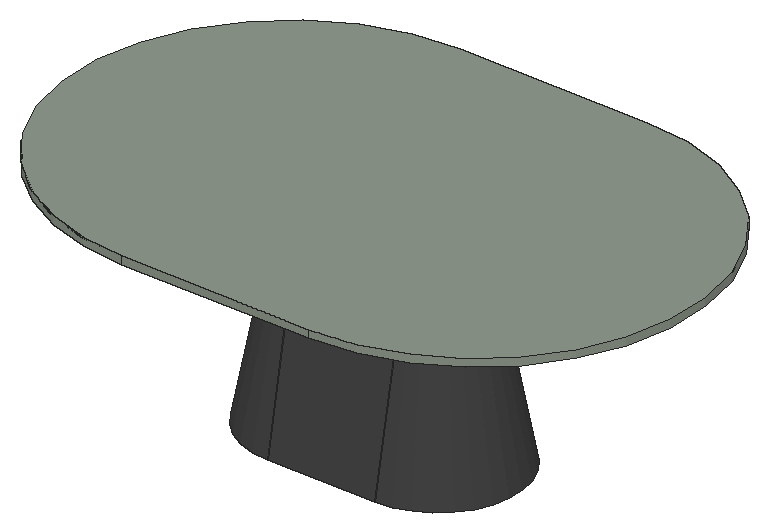
Revit family "DBLTD_TheSenatorGroup_OfficeTables_Sula_US", category Furniture, Revit 2022
Family settings
  OmniClass Number = 23.40.20.00
  OmniClass Title = General Furniture and Specialties
  Work Plane-Based = No
  Always vertical = Yes
  Cut with Voids When Loaded = No
  Render Appearance Source = Family Geometry
  Shared = Yes
  Room Calculation Point = No
Parameters (values of type "Pill 78 x 54")
  WorktopMaterial [instance] = DBLTD_TheSenatorGroup_Wood_SmokeGreen
  WorksurfaceArea = NominalWidth * NominalDepth  # 2.71741 m²
  WarrantyStartDate [instance] = ""
  WarrantyGuarantorParts = "https://www.thesenatorgroup.com/"
  WarrantyGuarantorLabor = "https://www.thesenatorgroup.com/"
  WarrantyDurationUnit = "years"
  WarrantyDurationParts = "5"
  WarrantyDurationLabor = "5"
  WarrantyDescription = "The Senator Group warrants that its manufactured products are free from manufacturing defects - in materials or workmanship - for a period of five (5) years. Allermuir will repair - or replace (at Allermuir’s sole discretion) with comparable free of charge materials/ components, any product/ component which fails under normal use in a single shift environment - as a result of a defect in the materials and/or workmanship."
  Version = "1"
  Uniclass2015Version = "Products v1.15"
  Uniclass2015Title = "Office tables"
  Uniclass2015Code = "Pr_40_50_21_60"
  URL = "https://www.thesenatorgroup.com/"
  Type Comments = ModelReference  # "Pill 78 x 54 with Slim Base"
  TagNumber [instance] = ""
  SustainabilityPerformance = "n/a"
  Size = "29\"h x 48\"w x 54\"d"
  Shape = "Pill"
  SerialNumber [instance] = ""
  Revision = ""
  ReplacementCost = "n/a"
  ProductInformation = "https://gb.allermuir.com/products/tables?q=____FamilyList__Sula&currentPage=1"
  NumberOfChairs = 0  # constant formula
  NominalWidth = 78"
  NominalHeight = 29"
  NominalDepth = 54"
  Name = "Table"
  ModelReference = "Pill 78 x 54 with Slim Base"
  ModelNumber = "SUD7854PL"
  Model = ModelNumber  # "SUD7854PL"
  Material = Color  # "Base: Black | Ceramic Top: See Sula Finishes Page."
  ManufacturerURL = "https://gb.allermuir.com/?lang=en-US"
  ManufacturerName = "The Senator Group"
  Keynote = Category  # "Pr_40_50_21_60 Office tables"
  IsTriple = no
  IsSingle = no
  IsDouble = no
  Is90Degree = yes
  InstallationDate [instance] = ""
  HasTopSquare = no
  HasTopRound = no
  HasTopPill = yes
  HasTopConf = no
  HasBaseSlim = no
  HasBasePill90 = yes
  HasBasePill = no
  HasBaseLarge = no
  Grade = "n/a"
  FrameMaterial [instance] = DBLTD_TheSenatorGroup_Metal_Black
  Finish = Color  # "Base: Black | Ceramic Top: See Sula Finishes Page."
  Features = ""
  ExpectedLife = "5"
  DurationUnit = "years"
  Cost = 0
  Constituents = "Base and Top"
  Color = "Base: Black | Ceramic Top: See Sula Finishes Page."
  CodePerformance = "n/a"
  Category = "Pr_40_50_21_60 Office tables"
  Manufacturer = ManufacturerName  # "The Senator Group"
  Description = ModelReference  # "Pill 78 x 54 with Slim Base"
  Default Elevation = 0"
  BarCode [instance] = ""
  Author = "Diane Butterworth Ltd"
  AssetType = "Movable"
  AssetIdentifier [instance] = ""
  Assembly Code = "E2020200"
  AccessibilityPerformance = "n/a"
Reference planes (in)
  plane 1 "Center (Front/Back)": y = 0
  plane 2: z = 0
  plane 3 "Center (Left/Right)": x = 0
  plane 4: z = 29
  plane 5: z = 28.01575
  plane 6: x = -39
  plane 7: x = 39
  plane 8: y = 27
  plane 9: y = -27
  plane 10: z = 4.60784
Dimensions and locks (in)
  "NominalHeight": plane 4 to level
  plane 4 to plane 5 = 0.98425"
  equal spacing: plane 6, plane 3 "Center (Left/Right)", plane 7
  equal spacing: plane 8, plane 1 "Center (Front/Back)", plane 9
  "NominalWidth": plane 6 to plane 7
  "NominalDepth": plane 8 to plane 9
  aligned and locked: level to plane 2
  aligned and locked: plane 8 to nested 4
  aligned and locked: plane 3 "Center (Left/Right)" to nested 4
  aligned and locked: plane 3 "Center (Left/Right)" to nested 7
  aligned and locked: plane 1 "Center (Front/Back)" to nested 7
  aligned and locked: plane 3 "Center (Left/Right)" to nested 5
  aligned and locked: plane 1 "Center (Front/Back)" to nested 5
  aligned and locked: plane 3 "Center (Left/Right)" to nested 6
  aligned and locked: plane 1 "Center (Front/Back)" to nested 6
  aligned and locked: plane 1 "Center (Front/Back)" to nested 3
  aligned and locked: plane 3 "Center (Left/Right)" to nested 3
  aligned and locked: plane 3 "Center (Left/Right)" to nested 1
  aligned and locked: plane 1 "Center (Front/Back)" to nested 1
Nested families (in)
  nested 1: "Nested_DBLTD_TheSenatorGroup_OfficeTables_Sula_Base_Large_US" at (0, 0, 0), BaseFinish <- "FrameMaterial", visible <- "HasBaseLarge", IsDouble <- "IsDouble", IsSingle <- "IsSingle", Width <- "NominalWidth", type "Nested_DBLTD_TheSenatorGroup_OfficeTables_Sula_Base_Large"
    with Width 78", LegGap 0", IsSingle no, IsDouble no, FeetFinish DBLTD_TheSenatorGroup_Plastic_Black, BaseFinish DBLTD_TheSenatorGroup_Metal_Black
  nested 2: "Nested_DBLTD_TheSenatorGroup_OfficeTables_Sula_Base_Pill_US" at (0, 0, 0), BaseFinish <- "FrameMaterial", visible <- "HasBasePill", Width <- "NominalWidth", Is90Degrees <- "Is90Degree", IsSingle <- "IsSingle", IsTriple <- "IsTriple", type "Nested_DBLTD_TheSenatorGroup_OfficeTables_Sula_Base_Pill"
    with Width 78", LegGap 0", IsTriple no, IsSingle no, Is90Degrees yes, FeetFinish DBLTD_TheSenatorGroup_Plastic_Black, BaseFinish DBLTD_TheSenatorGroup_Metal_Black
  nested 3: "Nested_DBLTD_TheSenatorGroup_OfficeTables_Sula_Base_Slim_US" at (0, 0, 0), BaseFinish <- "FrameMaterial", visible <- "HasBaseSlim", IsDouble <- "IsDouble", IsSingle <- "IsSingle", type "Nested_DBLTD_TheSenatorGroup_OfficeTables_Sula_Base_Slim"
    with IsSingle no, IsDouble no, FeetFinish DBLTD_TheSenatorGroup_Plastic_Black, BaseFinish DBLTD_TheSenatorGroup_Metal_Black
  nested 4: "Nested_DBLTD_TheSenatorGroup_OfficeTables_Sula_Top_Conference_US" at (0, 0, 0), TopFinish <- "WorktopMaterial", Depth <- "NominalDepth", Width <- "NominalWidth", visible <- "HasTopConf", type "Nested_DBLTD_TheSenatorGroup_OfficeTables_Sula_Top_Conference"
    with Width 78", TopFinish DBLTD_TheSenatorGroup_Wood_SmokeGreen, Depth 54", 72x42 no, 60x72 no
  nested 5: "Nested_DBLTD_TheSenatorGroup_OfficeTables_Sula_Top_Pill_US" at (0, 0, 0), TopFinish <- "WorktopMaterial", visible <- "HasTopPill", Depth <- "NominalDepth", Width <- "NominalWidth", type "Nested_DBLTD_TheSenatorGroup_OfficeTables_Sula_Top_Pill"
    with Width 78", TopFinish DBLTD_TheSenatorGroup_Wood_SmokeGreen, Depth 54"
  nested 6: "Nested_DBLTD_TheSenatorGroup_OfficeTables_Sula_Top_Round_US" at (0, 0, 0), TopFinish <- "WorktopMaterial", Depth <- "NominalDepth", Width <- "NominalWidth", visible <- "HasTopRound", type "Nested_DBLTD_TheSenatorGroup_OfficeTables_Sula_Top_Round"
    with Width 78", TopFinish DBLTD_TheSenatorGroup_Wood_SmokeGreen, Depth 54"
  nested 7: "Nested_DBLTD_TheSenatorGroup_OfficeTables_Sula_Top_Square_US" at (0, 0, 0), visible <- "HasTopSquare", TopFinish <- "WorktopMaterial", type "Nested_DBLTD_TheSenatorGroup_OfficeTables_Sula_Top_Square"
    with TopFinish DBLTD_TheSenatorGroup_Wood_SmokeGreen
  nested 8: "Nested_DBLTD_TheSenatorGroup_OfficeTables_Sula_Base_Pill_US" at (0, -3.93701, 0), BaseFinish <- "FrameMaterial", visible <- "HasBasePill90", type "Nested_DBLTD_TheSenatorGroup_OfficeTables_Sula_Base_Pill"
    with Width 78", LegGap 0", IsTriple no, IsSingle no, Is90Degrees yes, FeetFinish DBLTD_TheSenatorGroup_Plastic_Black, BaseFinish DBLTD_TheSenatorGroup_Metal_Black
Definition of nested family "Nested_DBLTD_TheSenatorGroup_OfficeTables_Sula_Base_Pill_US"
  Parameters (values of type "Nested_DBLTD_TheSenatorGroup_OfficeTables_Sula_Base_Pill")
    Width [instance] = 168"
    LegGap [instance] = if(Width = 168", 57", if(Width = 144", 45", 0"))  # 57"
    IsTriple [instance] = yes
    IsSingle [instance] = yes
    Is90Degrees [instance] = yes
    FeetFinish [instance] = none
    Default Elevation = 0"
    BaseFinish [instance] = none
  Reference planes (in)
    plane 1 "Center (Front/Back)": y = 0
    plane 2: z = 0
    plane 3 "Center (Left/Right)": x = 0
    plane 4: z = 29.13386
    plane 5: z = 28.14961
  Forms (in)
    Extrusion 1, solid, material <- "FeetFinish", visible <- "Is90Degrees"
      sketch origin (0, 3.93701, 0) x (1, 0, 0) y (0, 1, 0)
        loop
          circle (-4.92399, 8.30636) r 0.59055
        loop
          circle (-13.40627, 5.93295) r 0.59055
        loop
          circle (-4.92399, -8.30636) r 0.59055
        loop
          circle (-13.40627, -5.93295) r 0.59055
        loop
          circle (4.92399, 8.30636) r 0.59055
        loop
          circle (13.40627, 5.93295) r 0.59055
        loop
          circle (4.92399, -8.30636) r 0.59055
        loop
          circle (13.40627, -5.93295) r 0.59055
      from 0 to 0.15748
    Extrusion 2, solid, material <- "BaseFinish", visible <- "Is90Degrees"
      sketch origin (-6.85978, 3.93701, 3.8189) x (0, 0, -1) y (0, 1, 0)
        loop
          line (-23.74016, 9.84252) -> (-23.74016, -9.84252) -> (-22.84915, -9.84252)
          arc (-22.84915, -9.84252) -> (-22.54476, -9.78915) -> (-22.2767, -9.6354) r 0.89464
          line (-22.2767, -9.6354) -> (-20.79872, -8.40478)
          arc (-20.79872, -8.40478) -> (-17.55801, -6.74874) -> (-13.92018, -6.64467) r 8.26772
          line (-13.92018, -6.64467) -> (3.66142, -10.08632) -> (3.66142, 10.08632) -> (-13.92018, 6.64467)
          arc (-13.92018, 6.64467) -> (-17.55801, 6.74874) -> (-20.79872, 8.40478) r 8.26772
          line (-20.79872, 8.40478) -> (-22.2767, 9.6354)
          arc (-22.2767, 9.6354) -> (-22.54476, 9.78915) -> (-22.84915, 9.84252) r 0.89464
          line (-22.84915, 9.84252) -> (-23.74016, 9.84252)
      from 0 to 13.71956
    Extrusion 3, solid, material <- "FeetFinish", visible <- "IsSingle"
      sketch origin (0, 0, 0) x (0, 1, 0) y (-1, 0, 0)
        loop
          circle (-4.92399, 8.30636) r 0.59055
        loop
          circle (-13.40627, 5.93295) r 0.59055
        loop
          circle (-4.92399, -8.30636) r 0.59055
        loop
          circle (-13.40627, -5.93295) r 0.59055
        loop
          circle (4.92399, 8.30636) r 0.59055
        loop
          circle (13.40627, 5.93295) r 0.59055
        loop
          circle (4.92399, -8.30636) r 0.59055
        loop
          circle (13.40627, -5.93295) r 0.59055
      from 0 to 0.15748
    Revolve 4, solid, material <- "BaseFinish", visible <- "IsSingle"
      sketch origin (0, 6.85978, 0) x (0, 1, 0) y (0, 0, 1)
        loop
          line (0, 27.55906) -> (0, 0.15748) -> (10.08632, 0.15748) -> (6.64467, 17.73908)
          arc (6.64467, 17.73908) -> (6.74874, 21.37691) -> (8.40478, 24.61762) r 8.26772
          line (8.40478, 24.61762) -> (9.6354, 26.09559)
          arc (9.6354, 26.09559) -> (9.78915, 26.36366) -> (9.84252, 26.66805) r 0.89464
          line (9.84252, 26.66805) -> (9.84252, 27.55906) -> (0, 27.55906)
        axis (0, 0.15748) -> (0, 27.55906)
      angle from 90 to -90
    Extrusion 5, solid, material <- "BaseFinish", visible <- "IsSingle"
      sketch origin (0, -6.85978, 3.8189) x (0, 0, -1) y (-1, 0, 0)
        loop
          line (-23.74016, 9.84252) -> (-23.74016, -9.84252) -> (-22.84915, -9.84252)
          arc (-22.84915, -9.84252) -> (-22.54476, -9.78915) -> (-22.2767, -9.6354) r 0.89464
          line (-22.2767, -9.6354) -> (-20.79872, -8.40478)
          arc (-20.79872, -8.40478) -> (-17.55801, -6.74874) -> (-13.92018, -6.64467) r 8.26772
          line (-13.92018, -6.64467) -> (3.66142, -10.08632) -> (3.66142, 10.08632) -> (-13.92018, 6.64467)
          arc (-13.92018, 6.64467) -> (-17.55801, 6.74874) -> (-20.79872, 8.40478) r 8.26772
          line (-20.79872, 8.40478) -> (-22.2767, 9.6354)
          arc (-22.2767, 9.6354) -> (-22.54476, 9.78915) -> (-22.84915, 9.84252) r 0.89464
          line (-22.84915, 9.84252) -> (-23.74016, 9.84252)
      from 0 to 13.71956
    Revolve 6, solid, material <- "BaseFinish", visible <- "IsSingle"
      sketch origin (0, -6.85978, 0) x (0, -1, 0) y (0, 0, -1)
        loop
          line (0, -27.55906) -> (9.84252, -27.55906) -> (9.84252, -26.66805)
          arc (9.84252, -26.66805) -> (9.78915, -26.36366) -> (9.6354, -26.09559) r 0.89464
          line (9.6354, -26.09559) -> (8.40478, -24.61762)
          arc (8.40478, -24.61762) -> (6.74874, -21.37691) -> (6.64467, -17.73908) r 8.26772
          line (6.64467, -17.73908) -> (10.08632, -0.15748) -> (0, -0.15748) -> (0, -27.55906)
        axis (0, -0.15748) -> (0, -27.55906)
      angle from 90 to -90
    Revolve 7, solid, material <- "BaseFinish", visible <- "Is90Degrees"
      sketch origin (6.85978, 3.93701, 0) x (1, 0, 0) y (0, 0, 1)
        loop
          line (0, 27.55906) -> (0, 0.15748) -> (10.08632, 0.15748) -> (6.64467, 17.73908)
          arc (6.64467, 17.73908) -> (6.74874, 21.37691) -> (8.40478, 24.61762) r 8.26772
          line (8.40478, 24.61762) -> (9.6354, 26.09559)
          arc (9.6354, 26.09559) -> (9.78915, 26.36366) -> (9.84252, 26.66805) r 0.89464
          line (9.84252, 26.66805) -> (9.84252, 27.55906) -> (0, 27.55906)
        axis (0, 0.15748) -> (0, 27.55906)
      angle from 90 to -90
    Revolve 8, solid, material <- "BaseFinish", visible <- "Is90Degrees"
      sketch origin (-6.85978, 3.93701, 0) x (-1, 0, 0) y (0, 0, -1)
        loop
          line (0, -27.55906) -> (9.84252, -27.55906) -> (9.84252, -26.66805)
          arc (9.84252, -26.66805) -> (9.78915, -26.36366) -> (9.6354, -26.09559) r 0.89464
          line (9.6354, -26.09559) -> (8.40478, -24.61762)
          arc (8.40478, -24.61762) -> (6.74874, -21.37691) -> (6.64467, -17.73908) r 8.26772
          line (6.64467, -17.73908) -> (10.08632, -0.15748) -> (0, -0.15748) -> (0, -27.55906)
        axis (0, -0.15748) -> (0, -27.55906)
      angle from 90 to -90
    Extrusion 9, solid, material <- "FeetFinish", visible <- "Is90Degrees"
      sketch origin (0, 0, 0) x (1, 0, 0) y (0, 1, 0)
        loop
          line (6.85978, 17.71654) -> (-6.85978, 17.71654)
          arc (-6.85978, 17.71654) -> (-20.63931, 3.93701) -> (-6.85978, -9.84252) r 13.77953
          line (-6.85978, -9.84252) -> (6.85978, -9.84252)
          arc (6.85978, -9.84252) -> (20.63931, 3.93701) -> (6.85978, 17.71654) r 13.77953
      from 27.55906 to 28.14961
    Extrusion 10, solid, material <- "FeetFinish", visible <- "IsSingle"
      sketch origin (-3.93701, 0, 0) x (0, -1, 0) y (1, 0, 0)
        loop
          line (6.85978, 17.60891) -> (-6.85978, 17.60891)
          arc (-6.85978, 17.60891) -> (-20.58549, 3.8832) -> (-6.85978, -9.84252) r 13.72571
          line (-6.85978, -9.84252) -> (6.85978, -9.84252)
          arc (6.85978, -9.84252) -> (20.58549, 3.8832) -> (6.85978, 17.60891) r 13.72571
      from 27.55906 to 28.14961
    Extrusion 11, solid, material <- "FeetFinish", visible <- "IsTriple"
      sketch origin (47.15748, 0, 0) x (0, 1, 0) y (-1, 0, 0)
        loop
          circle (-4.92399, 8.30636) r 0.59055
        loop
          circle (-13.40627, 5.93295) r 0.59055
        loop
          circle (-4.92399, -8.30636) r 0.59055
        loop
          circle (-13.40627, -5.93295) r 0.59055
        loop
          circle (4.92399, 8.30636) r 0.59055
        loop
          circle (13.40627, 5.93295) r 0.59055
        loop
          circle (4.92399, -8.30636) r 0.59055
        loop
          circle (13.40627, -5.93295) r 0.59055
      from 0 to 0.15748
    Revolve 12, solid, material <- "BaseFinish", visible <- "IsTriple"
      sketch origin (47.15748, 6.85978, 0) x (0, 1, 0) y (0, 0, 1)
        loop
          line (0, 27.55906) -> (0, 0.15748) -> (10.08632, 0.15748) -> (6.64467, 17.73908)
          arc (6.64467, 17.73908) -> (6.74874, 21.37691) -> (8.40478, 24.61762) r 8.26772
          line (8.40478, 24.61762) -> (9.6354, 26.09559)
          arc (9.6354, 26.09559) -> (9.78915, 26.36366) -> (9.84252, 26.66805) r 0.89464
          line (9.84252, 26.66805) -> (9.84252, 27.55906) -> (0, 27.55906)
        axis (0, 0.15748) -> (0, 27.55906)
      angle from 90 to -90
    Extrusion 13, solid, material <- "BaseFinish", visible <- "IsTriple"
      sketch origin (47.15748, -6.85978, 3.8189) x (0, 0, -1) y (-1, 0, 0)
        loop
          line (-23.74016, 9.84252) -> (-23.74016, -9.84252) -> (-22.84915, -9.84252)
          arc (-22.84915, -9.84252) -> (-22.54476, -9.78915) -> (-22.2767, -9.6354) r 0.89464
          line (-22.2767, -9.6354) -> (-20.79872, -8.40478)
          arc (-20.79872, -8.40478) -> (-17.55801, -6.74874) -> (-13.92018, -6.64467) r 8.26772
          line (-13.92018, -6.64467) -> (3.66142, -10.08632) -> (3.66142, 10.08632) -> (-13.92018, 6.64467)
          arc (-13.92018, 6.64467) -> (-17.55801, 6.74874) -> (-20.79872, 8.40478) r 8.26772
          line (-20.79872, 8.40478) -> (-22.2767, 9.6354)
          arc (-22.2767, 9.6354) -> (-22.54476, 9.78915) -> (-22.84915, 9.84252) r 0.89464
          line (-22.84915, 9.84252) -> (-23.74016, 9.84252)
      from 0 to 13.71956
    Revolve 14, solid, material <- "BaseFinish", visible <- "IsTriple"
      sketch origin (47.15748, -6.85978, 0) x (0, -1, 0) y (0, 0, -1)
        loop
          line (0, -27.55906) -> (9.84252, -27.55906) -> (9.84252, -26.66805)
          arc (9.84252, -26.66805) -> (9.78915, -26.36366) -> (9.6354, -26.09559) r 0.89464
          line (9.6354, -26.09559) -> (8.40478, -24.61762)
          arc (8.40478, -24.61762) -> (6.74874, -21.37691) -> (6.64467, -17.73908) r 8.26772
          line (6.64467, -17.73908) -> (10.08632, -0.15748) -> (0, -0.15748) -> (0, -27.55906)
        axis (0, -0.15748) -> (0, -27.55906)
      angle from 90 to -90
    Extrusion 15, solid, material <- "FeetFinish", visible <- "IsTriple"
      sketch origin (43.22047, 0, 0) x (0, -1, 0) y (1, 0, 0)
        loop
          line (6.85978, 17.60891) -> (-6.85978, 17.60891)
          arc (-6.85978, 17.60891) -> (-20.58549, 3.8832) -> (-6.85978, -9.84252) r 13.72571
          line (-6.85978, -9.84252) -> (6.85978, -9.84252)
          arc (6.85978, -9.84252) -> (20.58549, 3.8832) -> (6.85978, 17.60891) r 13.72571
      from 27.55906 to 28.14961
    Extrusion 16, solid, material <- "FeetFinish", visible <- "IsTriple", not visible
      sketch origin (90.55118, 0, 0) x (0, 1, 0) y (-1, 0, 0)
        loop
          circle (-4.92399, 8.30636) r 0.59055
        loop
          circle (-13.40627, 5.93295) r 0.59055
        loop
          circle (-4.92399, -8.30636) r 0.59055
        loop
          circle (-13.40627, -5.93295) r 0.59055
        loop
          circle (4.92399, 8.30636) r 0.59055
        loop
          circle (13.40627, 5.93295) r 0.59055
        loop
          circle (4.92399, -8.30636) r 0.59055
        loop
          circle (13.40627, -5.93295) r 0.59055
      from 0 to 0.15748
    Revolve 17, solid, material <- "BaseFinish", visible <- "IsTriple", not visible
      sketch origin (90.55118, 6.85978, 0) x (0, 1, 0) y (0, 0, 1)
        loop
          line (0, 27.55906) -> (0, 0.15748) -> (10.08632, 0.15748) -> (6.64467, 17.73908)
          arc (6.64467, 17.73908) -> (6.74874, 21.37691) -> (8.40478, 24.61762) r 8.26772
          line (8.40478, 24.61762) -> (9.6354, 26.09559)
          arc (9.6354, 26.09559) -> (9.78915, 26.36366) -> (9.84252, 26.66805) r 0.89464
          line (9.84252, 26.66805) -> (9.84252, 27.55906) -> (0, 27.55906)
        axis (0, 0.15748) -> (0, 27.55906)
      angle from 90 to -90
    Extrusion 18, solid, material <- "BaseFinish", visible <- "IsTriple", not visible
      sketch origin (90.55118, -6.85978, 3.8189) x (0, 0, -1) y (-1, 0, 0)
        loop
          line (-23.74016, 9.84252) -> (-23.74016, -9.84252) -> (-22.84915, -9.84252)
          arc (-22.84915, -9.84252) -> (-22.54476, -9.78915) -> (-22.2767, -9.6354) r 0.89464
          line (-22.2767, -9.6354) -> (-20.79872, -8.40478)
          arc (-20.79872, -8.40478) -> (-17.55801, -6.74874) -> (-13.92018, -6.64467) r 8.26772
          line (-13.92018, -6.64467) -> (3.66142, -10.08632) -> (3.66142, 10.08632) -> (-13.92018, 6.64467)
          arc (-13.92018, 6.64467) -> (-17.55801, 6.74874) -> (-20.79872, 8.40478) r 8.26772
          line (-20.79872, 8.40478) -> (-22.2767, 9.6354)
          arc (-22.2767, 9.6354) -> (-22.54476, 9.78915) -> (-22.84915, 9.84252) r 0.89464
          line (-22.84915, 9.84252) -> (-23.74016, 9.84252)
      from 0 to 13.71956
    Revolve 19, solid, material <- "BaseFinish", visible <- "IsTriple", not visible
      sketch origin (90.55118, -6.85978, 0) x (0, -1, 0) y (0, 0, -1)
        loop
          line (0, -27.55906) -> (9.84252, -27.55906) -> (9.84252, -26.66805)
          arc (9.84252, -26.66805) -> (9.78915, -26.36366) -> (9.6354, -26.09559) r 0.89464
          line (9.6354, -26.09559) -> (8.40478, -24.61762)
          arc (8.40478, -24.61762) -> (6.74874, -21.37691) -> (6.64467, -17.73908) r 8.26772
          line (6.64467, -17.73908) -> (10.08632, -0.15748) -> (0, -0.15748) -> (0, -27.55906)
        axis (0, -0.15748) -> (0, -27.55906)
      angle from 90 to -90
    Extrusion 20, solid, material <- "FeetFinish", visible <- "IsTriple", not visible
      sketch origin (86.61417, 0, 0) x (0, -1, 0) y (1, 0, 0)
        loop
          line (6.85978, 17.60891) -> (-6.85978, 17.60891)
          arc (-6.85978, 17.60891) -> (-20.58549, 3.8832) -> (-6.85978, -9.84252) r 13.72571
          line (-6.85978, -9.84252) -> (6.85978, -9.84252)
          arc (6.85978, -9.84252) -> (20.58549, 3.8832) -> (6.85978, 17.60891) r 13.72571
      from 27.55906 to 28.14961
    Extrusion 21, solid, material <- "FeetFinish", visible <- "IsTriple"
      sketch origin (-47.15748, 0, 0) x (0, 1, 0) y (-1, 0, 0)
        loop
          circle (-4.92399, 8.30636) r 0.59055
        loop
          circle (-13.40627, 5.93295) r 0.59055
        loop
          circle (-4.92399, -8.30636) r 0.59055
        loop
          circle (-13.40627, -5.93295) r 0.59055
        loop
          circle (4.92399, 8.30636) r 0.59055
        loop
          circle (13.40627, 5.93295) r 0.59055
        loop
          circle (4.92399, -8.30636) r 0.59055
        loop
          circle (13.40627, -5.93295) r 0.59055
      from 0 to 0.15748
    Revolve 22, solid, material <- "BaseFinish", visible <- "IsTriple"
      sketch origin (-47.15748, 6.85978, 0) x (0, 1, 0) y (0, 0, 1)
        loop
          line (0, 27.55906) -> (0, 0.15748) -> (10.08632, 0.15748) -> (6.64467, 17.73908)
          arc (6.64467, 17.73908) -> (6.74874, 21.37691) -> (8.40478, 24.61762) r 8.26772
          line (8.40478, 24.61762) -> (9.6354, 26.09559)
          arc (9.6354, 26.09559) -> (9.78915, 26.36366) -> (9.84252, 26.66805) r 0.89464
          line (9.84252, 26.66805) -> (9.84252, 27.55906) -> (0, 27.55906)
        axis (0, 0.15748) -> (0, 27.55906)
      angle from 90 to -90
    Extrusion 23, solid, material <- "BaseFinish", visible <- "IsTriple"
      sketch origin (-47.15748, -6.85978, 3.8189) x (0, 0, -1) y (-1, 0, 0)
        loop
          line (-23.74016, 9.84252) -> (-23.74016, -9.84252) -> (-22.84915, -9.84252)
          arc (-22.84915, -9.84252) -> (-22.54476, -9.78915) -> (-22.2767, -9.6354) r 0.89464
          line (-22.2767, -9.6354) -> (-20.79872, -8.40478)
          arc (-20.79872, -8.40478) -> (-17.55801, -6.74874) -> (-13.92018, -6.64467) r 8.26772
          line (-13.92018, -6.64467) -> (3.66142, -10.08632) -> (3.66142, 10.08632) -> (-13.92018, 6.64467)
          arc (-13.92018, 6.64467) -> (-17.55801, 6.74874) -> (-20.79872, 8.40478) r 8.26772
          line (-20.79872, 8.40478) -> (-22.2767, 9.6354)
          arc (-22.2767, 9.6354) -> (-22.54476, 9.78915) -> (-22.84915, 9.84252) r 0.89464
          line (-22.84915, 9.84252) -> (-23.74016, 9.84252)
      from 0 to 13.71956
    Revolve 24, solid, material <- "BaseFinish", visible <- "IsTriple"
      sketch origin (-47.15748, -6.85978, 0) x (0, -1, 0) y (0, 0, -1)
        loop
          line (0, -27.55906) -> (9.84252, -27.55906) -> (9.84252, -26.66805)
          arc (9.84252, -26.66805) -> (9.78915, -26.36366) -> (9.6354, -26.09559) r 0.89464
          line (9.6354, -26.09559) -> (8.40478, -24.61762)
          arc (8.40478, -24.61762) -> (6.74874, -21.37691) -> (6.64467, -17.73908) r 8.26772
          line (6.64467, -17.73908) -> (10.08632, -0.15748) -> (0, -0.15748) -> (0, -27.55906)
        axis (0, -0.15748) -> (0, -27.55906)
      angle from 90 to -90
    Extrusion 25, solid, material <- "FeetFinish", visible <- "IsTriple"
      sketch origin (-51.09449, 0, 0) x (0, -1, 0) y (1, 0, 0)
        loop
          line (6.85978, 17.60891) -> (-6.85978, 17.60891)
          arc (-6.85978, 17.60891) -> (-20.58549, 3.8832) -> (-6.85978, -9.84252) r 13.72571
          line (-6.85978, -9.84252) -> (6.85978, -9.84252)
          arc (6.85978, -9.84252) -> (20.58549, 3.8832) -> (6.85978, 17.60891) r 13.72571
      from 27.55906 to 28.14961
  Dimensions and locks (in)
    "LegGap": plane 3 "Center (Left/Right)" to Extrusion 13
    "LegGap": Extrusion 23 to plane 3 "Center (Left/Right)"
    aligned and locked: level to plane 2
  Automatic sketch dimensions
    Extrusion 1 sketch curve to plane 3 "Center (Left/Right)" = 13.40627"
    plane 1 "Center (Front/Back)" to Extrusion 1 sketch curve = 1.99594"  (x2)
    Extrusion 1 sketch curve to Extrusion 1 sketch curve = 0"
    Extrusion 1 sketch curve to plane 3 "Center (Left/Right)" = 4.92399"  (x2)
    plane 3 "Center (Left/Right)" to Extrusion 1 sketch curve = 4.92399"  (x2)
    Extrusion 1 sketch curve to Extrusion 1 sketch curve = 8.48228"  (x2)
    plane 1 "Center (Front/Back)" to Extrusion 1 sketch curve = 4.36935"  (x2)
    Extrusion 1 sketch curve to plane 1 "Center (Front/Back)" = 9.86996"  (x2)
    Extrusion 1 sketch curve to Extrusion 1 sketch curve = 2.37341"  (x2)
    Extrusion 2 sketch curve to plane 5 = 0.59055"
    Extrusion 2 sketch curve to Extrusion 2 sketch curve = 0.89101"  (x2)
    Extrusion 2 sketch curve to Extrusion 2 sketch curve = 0.57245"  (x2)
    Extrusion 2 sketch curve to Extrusion 2 sketch curve = 1.47798"  (x2)
    Extrusion 2 sketch curve to Extrusion 2 sketch curve = 5.29025"  (x2)
    Extrusion 2 sketch curve to Extrusion 2 sketch curve = 6.87854"  (x2)
    plane 1 "Center (Front/Back)" to Extrusion 2 sketch curve = 2.70766"
    level to Extrusion 2 sketch curve = 0.15748"
    plane 1 "Center (Front/Back)" to Extrusion 2 sketch curve = 4.46777"
    Extrusion 2 sketch curve to Extrusion 2 sketch curve = 0.5431"  (x2)
    Extrusion 2 sketch curve to Extrusion 2 sketch curve = 0.68752"  (x2)
    plane 1 "Center (Front/Back)" to Extrusion 2 sketch curve = 6.14931"
    Extrusion 2 sketch curve to plane 1 "Center (Front/Back)" = 10.58168"
    Extrusion 2 sketch curve to Extrusion 2 sketch curve = 1.76011"
    Extrusion 2 sketch curve to plane 1 "Center (Front/Back)" = 14.02333"
    Extrusion 3 sketch curve to plane 3 "Center (Left/Right)" = 5.93295"  (x2)
    plane 1 "Center (Front/Back)" to Extrusion 3 sketch curve = 13.40627"
    plane 3 "Center (Left/Right)" to Extrusion 3 sketch curve = 5.93295"  (x2)
    Extrusion 3 sketch curve to Extrusion 3 sketch curve = 0"
    plane 1 "Center (Front/Back)" to Extrusion 3 sketch curve = 4.92399"  (x2)
    Extrusion 3 sketch curve to plane 1 "Center (Front/Back)" = 4.92399"  (x2)
    Extrusion 3 sketch curve to Extrusion 3 sketch curve = 8.48228"  (x2)
    plane 3 "Center (Left/Right)" to Extrusion 3 sketch curve = 8.30636"  (x2)
    Extrusion 3 sketch curve to plane 3 "Center (Left/Right)" = 8.30636"  (x2)
    Revolve 4 sketch curve to plane 5 = 0.59055"
    Revolve 4 sketch curve to plane 1 "Center (Front/Back)" = 6.85978"  (x2)
    Revolve 4 sketch curve to Revolve 4 sketch curve = 6.64467"
    Revolve 4 sketch curve to plane 5 = 3.53199"
    Revolve 4 sketch curve to Revolve 4 sketch curve = 1.76011"
    Revolve 4 sketch curve to Revolve 4 sketch curve = 0.5431"
    Revolve 4 sketch curve to plane 5 = 2.05401"
    Revolve 4 sketch curve to Revolve 4 sketch curve = 0.68752"
    Revolve 4 sketch curve to Revolve 4 sketch curve = 0.20712"
    level to Revolve 4 sketch curve = 0.15748"
    Revolve 4 sketch curve to Revolve 4 sketch curve = 10.08632"
    Revolve 4 sketch curve to Revolve 4 sketch curve = 6.35361"
    Revolve 4 sketch curve to Revolve 4 sketch curve = 6.87854"
    Revolve 4 sketch curve to Revolve 4 sketch curve = 3.66142"
    Revolve 4 sketch curve to Revolve 4 sketch curve = 3.34646"
    Extrusion 5 sketch curve to plane 5 = 0.59055"
    Extrusion 5 sketch curve to Extrusion 5 sketch curve = 0.89101"  (x2)
    Extrusion 5 sketch curve to Extrusion 5 sketch curve = 0.57245"  (x2)
    Extrusion 5 sketch curve to Extrusion 5 sketch curve = 1.47798"  (x2)
    Extrusion 5 sketch curve to Extrusion 5 sketch curve = 5.29025"  (x2)
    Extrusion 5 sketch curve to Extrusion 5 sketch curve = 6.87854"  (x2)
    level to Extrusion 5 sketch curve = 0.15748"
    plane 3 "Center (Left/Right)" to Extrusion 5 sketch curve = 14.75839"
    plane 3 "Center (Left/Right)" to Extrusion 5 sketch curve = 10.08632"
    Extrusion 5 sketch curve to Extrusion 5 sketch curve = 4.91587"
    Extrusion 5 sketch curve to Extrusion 5 sketch curve = 0.20712"
    Extrusion 5 sketch curve to Extrusion 5 sketch curve = 1.23062"
    Extrusion 5 sketch curve to plane 3 "Center (Left/Right)" = 6.64467"
    Extrusion 5 sketch curve to Extrusion 5 sketch curve = 1.76011"
    Extrusion 5 sketch curve to Extrusion 5 sketch curve = 0.5431"
    Extrusion 5 sketch curve to Extrusion 5 sketch curve = 0.68752"
    Extrusion 5 sketch curve to plane 3 "Center (Left/Right)" = 10.08632"
    Revolve 6 sketch curve to plane 5 = 0.59055"
    plane 1 "Center (Front/Back)" to Revolve 6 sketch curve = 6.85978"  (x2)
    Revolve 6 sketch curve to Revolve 6 sketch curve = 6.64467"
    Revolve 6 sketch curve to plane 5 = 3.53199"
    Revolve 6 sketch curve to Revolve 6 sketch curve = 1.76011"
    Revolve 6 sketch curve to Revolve 6 sketch curve = 0.5431"
    Revolve 6 sketch curve to plane 5 = 2.05401"
    Revolve 6 sketch curve to Revolve 6 sketch curve = 0.68752"
    Revolve 6 sketch curve to Revolve 6 sketch curve = 0.20712"
    level to Revolve 6 sketch curve = 0.15748"
    Revolve 6 sketch curve to Revolve 6 sketch curve = 10.08632"
    Revolve 6 sketch curve to Revolve 6 sketch curve = 6.35361"
    Revolve 6 sketch curve to Revolve 6 sketch curve = 5.29025"
    Revolve 6 sketch curve to Revolve 6 sketch curve = 7.00787"
    Revolve 6 sketch curve to Revolve 6 sketch curve = 3.34646"
    Revolve 7 sketch curve to plane 5 = 0.59055"
    plane 3 "Center (Left/Right)" to Revolve 7 sketch curve = 6.85978"  (x2)
    Revolve 7 sketch curve to Revolve 7 sketch curve = 6.64467"
    Revolve 7 sketch curve to plane 5 = 3.53199"
    Revolve 7 sketch curve to Revolve 7 sketch curve = 1.76011"
    Revolve 7 sketch curve to Revolve 7 sketch curve = 0.5431"
    Revolve 7 sketch curve to plane 5 = 2.05401"
    Revolve 7 sketch curve to Revolve 7 sketch curve = 0.68752"
    Revolve 7 sketch curve to Revolve 7 sketch curve = 0.20712"
    level to Revolve 7 sketch curve = 0.15748"
    Revolve 7 sketch curve to Revolve 7 sketch curve = 10.08632"
    Revolve 7 sketch curve to Revolve 7 sketch curve = 6.35361"
    Revolve 7 sketch curve to Revolve 7 sketch curve = 6.87854"
    Revolve 7 sketch curve to Revolve 7 sketch curve = 3.66142"
    Revolve 7 sketch curve to Revolve 7 sketch curve = 3.34646"
    Revolve 8 sketch curve to plane 5 = 0.59055"
    Revolve 8 sketch curve to plane 3 "Center (Left/Right)" = 6.85978"  (x2)
    Revolve 8 sketch curve to Revolve 8 sketch curve = 6.64467"
    Revolve 8 sketch curve to plane 5 = 3.53199"
    Revolve 8 sketch curve to Revolve 8 sketch curve = 1.76011"
    Revolve 8 sketch curve to Revolve 8 sketch curve = 0.5431"
    Revolve 8 sketch curve to plane 5 = 2.05401"
    Revolve 8 sketch curve to Revolve 8 sketch curve = 0.68752"
    Revolve 8 sketch curve to Revolve 8 sketch curve = 0.20712"
    level to Revolve 8 sketch curve = 0.15748"
    Revolve 8 sketch curve to Revolve 8 sketch curve = 10.08632"
    Revolve 8 sketch curve to Revolve 8 sketch curve = 6.35361"
    Revolve 8 sketch curve to Revolve 8 sketch curve = 5.29025"
    Revolve 8 sketch curve to Revolve 8 sketch curve = 7.00787"
    Revolve 8 sketch curve to Revolve 8 sketch curve = 3.34646"
    Extrusion 9 sketch curve to plane 1 "Center (Front/Back)" = 3.93701"
    Extrusion 9 sketch curve to plane 3 "Center (Left/Right)" = 6.85978"
    plane 3 "Center (Left/Right)" to Extrusion 9 sketch curve = 6.85978"
    plane 1 "Center (Front/Back)" to Extrusion 9 sketch curve = 9.84252"
    Extrusion 10 sketch curve to plane 3 "Center (Left/Right)" = 0.05381"
    Extrusion 10 sketch curve to plane 1 "Center (Front/Back)" = 6.85978"
    plane 1 "Center (Front/Back)" to Extrusion 10 sketch curve = 6.85978"
    Extrusion 10 sketch curve to Extrusion 10 sketch curve = 13.72571"
    radius of Extrusion 1 sketch curve = 0.59055"  (x8)
    radius of Extrusion 3 sketch curve = 0.59055"  (x8)
Definition of nested family "Nested_DBLTD_TheSenatorGroup_OfficeTables_Sula_Top_Pill_US"
  Parameters (values of type "Nested_DBLTD_TheSenatorGroup_OfficeTables_Sula_Top_Pill")
    Width [instance] = 70.86614"
    TopFinish [instance] = none
    Depth [instance] = 31.49606"
    Default Elevation = 0"
  Reference planes (in)
    plane 1 "Center (Front/Back)": y = 0
    plane 2: z = 0
    plane 3 "Center (Left/Right)": x = 0
    plane 4: z = 29.13386
    plane 5: z = 28.14961
    plane 6: y = 15.74803
    plane 7: y = -15.74803
    plane 8: x = -35.43307
    plane 9: x = 35.43307
  Forms (in)
    Extrusion 1, solid, material <- "TopFinish"
      sketch origin (0, 0, 0) x (1, 0, 0) y (0, 1, 0)
        loop
          arc (-19.68504, 15.74803) -> (-35.43307, 0) -> (-19.68504, -15.74803) r 15.74803
          line (-19.68504, -15.74803) -> (19.68504, -15.74803)
          arc (19.68504, -15.74803) -> (35.43307, 0) -> (19.68504, 15.74803) r 15.74803
          line (19.68504, 15.74803) -> (-19.68504, 15.74803)
      from 28.14961 to 29.13386
  Dimensions and locks (in)
    equal spacing: plane 6, plane 1 "Center (Front/Back)", plane 7
    equal spacing: plane 8, plane 3 "Center (Left/Right)", plane 9
    "Width": plane 8 to plane 9
    "Depth": plane 6 to plane 7
    locked: plane 8 to Extrusion 1 sketch curve
    locked: Extrusion 1 sketch curve to plane 9
    aligned and locked: level to plane 2
    aligned and locked: Extrusion 1 sketch curve to plane 6
    aligned and locked: Extrusion 1 sketch curve to plane 7
Definition of nested family "Nested_DBLTD_TheSenatorGroup_OfficeTables_Sula_Top_Round_US"
  Parameters (values of type "Nested_DBLTD_TheSenatorGroup_OfficeTables_Sula_Top_Round")
    Width [instance] = 31.49606"
    TopFinish [instance] = none
    Depth [instance] = 31.49606"
    Default Elevation = 0"
  Reference planes (in)
    plane 1 "Center (Front/Back)": y = 0
    plane 2: z = 0
    plane 3 "Center (Left/Right)": x = 0
    plane 4: z = 29.13386
    plane 5: z = 28.14961
    plane 6: y = 15.74803
    plane 7: y = -15.74803
    plane 8: x = -15.74803
    plane 9: x = 15.74803
  Forms (in)
    Extrusion 1, solid, material <- "TopFinish"
      sketch origin (0, 0, 0) x (1, 0, 0) y (0, 1, 0)
        loop
          circle (0, 0) r 15.74803
      from 28.14961 to 29.13386
  Dimensions and locks (in)
    equal spacing: plane 6, plane 1 "Center (Front/Back)", plane 7
    equal spacing: plane 8, plane 3 "Center (Left/Right)", plane 9
    "Width": plane 8 to plane 9
    "Depth": plane 6 to plane 7
    "Width": diameter of Extrusion 1 sketch curve
    aligned and locked: level to plane 2
  Automatic sketch dimensions
    plane 1 "Center (Front/Back)" to Extrusion 1 sketch curve = 0"
    Extrusion 1 sketch curve to plane 3 "Center (Left/Right)" = 0"
Definition of nested family "Nested_DBLTD_TheSenatorGroup_OfficeTables_Sula_Top_Square_US"
  Parameters (values of type "Nested_DBLTD_TheSenatorGroup_OfficeTables_Sula_Top_Square")
    TopFinish [instance] = none
    Default Elevation = 0"
  Reference planes (in)
    plane 1 "Center (Front/Back)": y = 0
    plane 2: z = 0
    plane 3 "Center (Left/Right)": x = 0
    plane 4: z = 29.13386
    plane 5: z = 28.14961
    plane 6: y = 14.76378
    plane 7: y = -14.76378
    plane 8: x = -14.76378
    plane 9: x = 14.76378
  Forms (in)
    Extrusion 1, solid, material <- "TopFinish"
      sketch origin (0, 0, 0) x (1, 0, 0) y (0, 1, 0)
        loop
          arc (-10.03105, 14.09324) -> (-12.75051, 12.75051) -> (-14.09324, 10.03105) r 4.72441
          arc (-14.09324, 10.03105) -> (-14.76378, 0.01173) -> (-14.12891, -10.00992) r 77.24523
          arc (-14.12891, -10.00992) -> (-12.79072, -12.73933) -> (-10.06673, -14.0885) r 4.72441
          arc (-10.06673, -14.0885) -> (-0.01168, -14.76378) -> (10.04571, -14.12429) r 77.24523
          arc (10.04571, -14.12429) -> (12.77966, -12.77966) -> (14.12429, -10.04571) r 4.72441
          arc (14.12429, -10.04571) -> (14.76378, 0.01168) -> (14.0885, 10.06673) r 77.24523
          arc (14.0885, 10.06673) -> (12.73933, 12.79072) -> (10.00992, 14.12891) r 4.72441
          arc (10.00992, 14.12891) -> (-0.01173, 14.76378) -> (-10.03105, 14.09324) r 77.24523
      from 28.14961 to 29.13386
  Dimensions and locks (in)
    aligned and locked: level to plane 2
Definition of nested family "Nested_DBLTD_TheSenatorGroup_OfficeTables_Sula_Base_Large_US"
  Parameters (values of type "Nested_DBLTD_TheSenatorGroup_OfficeTables_Sula_Base_Large")
    Width [instance] = 120"
    LegGap [instance] = if(Width = 120", 45", if(Width = 96", 34", 0"))  # 45"
    IsSingle [instance] = yes
    IsDouble [instance] = yes
    FeetFinish [instance] = none
    Default Elevation = 0"
    BaseFinish [instance] = none
  Reference planes (in)
    plane 1 "Center (Front/Back)": y = 0
    plane 2: z = 0
    plane 3 "Center (Left/Right)": x = 0
    plane 4: z = 29.13386
    plane 5: z = 28.14961
  Forms (in)
    Revolve 1, solid, material <- "BaseFinish", visible <- "IsSingle"
      sketch origin (0, 0, 0) x (1, 0, 0) y (0, 0, 1)
        loop
          line (0, 27.55906) -> (0, 0.15748) -> (10.08632, 0.15748) -> (6.64467, 17.73908)
          arc (6.64467, 17.73908) -> (6.74874, 21.37691) -> (8.40478, 24.61762) r 8.26772
          line (8.40478, 24.61762) -> (9.6354, 26.09559)
          arc (9.6354, 26.09559) -> (9.78915, 26.36366) -> (9.84252, 26.66805) r 0.89464
          line (9.84252, 26.66805) -> (9.84252, 27.55906) -> (0, 27.55906)
        axis (0, 0.15748) -> (0, 27.55906)
      angle from 0 to 360
    Extrusion 2, solid, material <- "FeetFinish", visible <- "IsSingle"
      sketch origin (0, 0, 0) x (1, 0, 0) y (0, 1, 0)
        loop
          circle (-3.24458, 7.80807) r 0.59055
        loop
          circle (-7.80807, 3.24458) r 0.59055
        loop
          circle (3.24458, 7.80807) r 0.59055
        loop
          circle (7.80807, 3.24458) r 0.59055
        loop
          circle (-3.24458, -7.80807) r 0.59055
        loop
          circle (-7.80807, -3.24458) r 0.59055
        loop
          circle (3.24458, -7.80807) r 0.59055
        loop
          circle (7.80807, -3.24458) r 0.59055
      from 0 to 0.15748
    Extrusion 3, solid, material <- "FeetFinish", visible <- "IsSingle"
      sketch origin (0, 0, 0) x (1, 0, 0) y (0, 1, 0)
        loop
          circle (0, 0) r 13.77953
      from 27.55906 to 28.14961
    Revolve 4, solid, material <- "BaseFinish", visible <- "IsDouble"
      sketch origin (-31.22047, 0, 0) x (1, 0, 0) y (0, 0, 1)
        loop
          line (0, 27.55906) -> (0, 0.15748) -> (10.08632, 0.15748) -> (6.64467, 17.73908)
          arc (6.64467, 17.73908) -> (6.74874, 21.37691) -> (8.40478, 24.61762) r 8.26772
          line (8.40478, 24.61762) -> (9.6354, 26.09559)
          arc (9.6354, 26.09559) -> (9.78915, 26.36366) -> (9.84252, 26.66805) r 0.89464
          line (9.84252, 26.66805) -> (9.84252, 27.55906) -> (0, 27.55906)
        axis (0, 0.15748) -> (0, 27.55906)
      angle from 0 to 360
    Extrusion 5, solid, material <- "FeetFinish", visible <- "IsDouble"
      sketch origin (-31.22047, 0, 0) x (1, 0, 0) y (0, 1, 0)
        loop
          circle (-3.24458, 7.80807) r 0.59055
        loop
          circle (-7.80807, 3.24458) r 0.59055
        loop
          circle (3.24458, 7.80807) r 0.59055
        loop
          circle (7.80807, 3.24458) r 0.59055
        loop
          circle (-3.24458, -7.80807) r 0.59055
        loop
          circle (-7.80807, -3.24458) r 0.59055
        loop
          circle (3.24458, -7.80807) r 0.59055
        loop
          circle (7.80807, -3.24458) r 0.59055
      from 0 to 0.15748
    Extrusion 6, solid, material <- "FeetFinish", visible <- "IsDouble"
      sketch origin (-31.22047, 0, 0) x (1, 0, 0) y (0, 1, 0)
        loop
          circle (0, 0) r 13.77953
      from 27.55906 to 28.14961
    Revolve 7, solid, material <- "BaseFinish", visible <- "IsDouble", not visible
      sketch origin (-31.49606, 0, 0) x (1, 0, 0) y (0, 0, 1)
        loop
          line (0, 27.55906) -> (0, 0.15748) -> (10.08632, 0.15748) -> (6.64467, 17.73908)
          arc (6.64467, 17.73908) -> (6.74874, 21.37691) -> (8.40478, 24.61762) r 8.26772
          line (8.40478, 24.61762) -> (9.6354, 26.09559)
          arc (9.6354, 26.09559) -> (9.78915, 26.36366) -> (9.84252, 26.66805) r 0.89464
          line (9.84252, 26.66805) -> (9.84252, 27.55906) -> (0, 27.55906)
        axis (0, 0.15748) -> (0, 27.55906)
      angle from 0 to 360
    Extrusion 8, solid, material <- "FeetFinish", visible <- "IsDouble", not visible
      sketch origin (-31.49606, 0, 0) x (1, 0, 0) y (0, 1, 0)
        loop
          circle (-3.24458, 7.80807) r 0.59055
        loop
          circle (-7.80807, 3.24458) r 0.59055
        loop
          circle (3.24458, 7.80807) r 0.59055
        loop
          circle (7.80807, 3.24458) r 0.59055
        loop
          circle (-3.24458, -7.80807) r 0.59055
        loop
          circle (-7.80807, -3.24458) r 0.59055
        loop
          circle (3.24458, -7.80807) r 0.59055
        loop
          circle (7.80807, -3.24458) r 0.59055
      from 0 to 0.15748
    Extrusion 9, solid, material <- "FeetFinish", visible <- "IsDouble", not visible
      sketch origin (-31.49606, 0, 0) x (1, 0, 0) y (0, 1, 0)
        loop
          circle (0, 0) r 13.77953
      from 27.55906 to 28.14961
    Revolve 10, solid, material <- "BaseFinish", visible <- "IsDouble"
      sketch origin (31.22047, 0, 0) x (-1, 0, 0) y (0, 0, 1)
        loop
          line (0, 27.55906) -> (0, 0.15748) -> (10.08632, 0.15748) -> (6.64467, 17.73908)
          arc (6.64467, 17.73908) -> (6.74874, 21.37691) -> (8.40478, 24.61762) r 8.26772
          line (8.40478, 24.61762) -> (9.6354, 26.09559)
          arc (9.6354, 26.09559) -> (9.78915, 26.36366) -> (9.84252, 26.66805) r 0.89464
          line (9.84252, 26.66805) -> (9.84252, 27.55906) -> (0, 27.55906)
        axis (0, 0.15748) -> (0, 27.55906)
      angle from 0 to 360
    Extrusion 11, solid, material <- "FeetFinish", visible <- "IsDouble"
      sketch origin (31.22047, 0, 0) x (-1, 0, 0) y (0, -1, 0)
        loop
          circle (-3.24458, -7.80807) r 0.59055
        loop
          circle (-7.80807, -3.24458) r 0.59055
        loop
          circle (3.24458, -7.80807) r 0.59055
        loop
          circle (7.80807, -3.24458) r 0.59055
        loop
          circle (-3.24458, 7.80807) r 0.59055
        loop
          circle (-7.80807, 3.24458) r 0.59055
        loop
          circle (3.24458, 7.80807) r 0.59055
        loop
          circle (7.80807, 3.24458) r 0.59055
      from 0 to 0.15748
    Extrusion 12, solid, material <- "FeetFinish", visible <- "IsDouble"
      sketch origin (31.22047, 0, 0) x (-1, 0, 0) y (0, -1, 0)
        loop
          circle (0, 0) r 13.77953
      from 27.55906 to 28.14961
  Dimensions and locks (in)
    "LegGap": Extrusion 6 to plane 3 "Center (Left/Right)"
    "LegGap": plane 3 "Center (Left/Right)" to Extrusion 12
    aligned and locked: level to plane 2
  Automatic sketch dimensions
    Revolve 1 sketch curve to plane 3 "Center (Left/Right)" = 0"  (x2)
    plane 3 "Center (Left/Right)" to Revolve 1 sketch curve = 6.64467"
    Revolve 1 sketch curve to plane 5 = 3.53199"
    Revolve 1 sketch curve to Revolve 1 sketch curve = 1.76011"
    Revolve 1 sketch curve to Revolve 1 sketch curve = 0.5431"
    Revolve 1 sketch curve to plane 5 = 2.05401"
    Revolve 1 sketch curve to Revolve 1 sketch curve = 0.68752"
    Revolve 1 sketch curve to Revolve 1 sketch curve = 0.20712"
    level to Revolve 1 sketch curve = 0.15748"
    plane 3 "Center (Left/Right)" to Revolve 1 sketch curve = 10.08632"
    Revolve 1 sketch curve to Revolve 1 sketch curve = 6.35361"
    Revolve 1 sketch curve to Revolve 1 sketch curve = 6.87854"
    Revolve 1 sketch curve to plane 5 = 0.59055"
    Revolve 1 sketch curve to Revolve 1 sketch curve = 3.66142"
    Revolve 1 sketch curve to Revolve 1 sketch curve = 3.34646"
    Extrusion 2 sketch curve to plane 1 "Center (Front/Back)" = 3.24458"  (x2)
    Extrusion 2 sketch curve to plane 3 "Center (Left/Right)" = 7.80807"
    plane 1 "Center (Front/Back)" to Extrusion 2 sketch curve = 3.24458"  (x2)
    Extrusion 2 sketch curve to Extrusion 2 sketch curve = 0"  (x2)
    Extrusion 2 sketch curve to plane 3 "Center (Left/Right)" = 3.24458"  (x2)
    plane 3 "Center (Left/Right)" to Extrusion 2 sketch curve = 3.24458"  (x2)
    Extrusion 2 sketch curve to Extrusion 2 sketch curve = 4.5635"  (x5)
    plane 1 "Center (Front/Back)" to Extrusion 3 sketch curve = 0"
    Extrusion 3 sketch curve to plane 3 "Center (Left/Right)" = 0"
    radius of Extrusion 2 sketch curve = 0.59055"  (x8)
    radius of Extrusion 3 sketch curve = 13.77953"
Definition of nested family "Nested_DBLTD_TheSenatorGroup_OfficeTables_Sula_Base_Slim_US"
  Parameters (values of type "Nested_DBLTD_TheSenatorGroup_OfficeTables_Sula_Base_Slim")
    IsSingle [instance] = yes
    IsDouble [instance] = yes
    FeetFinish [instance] = none
    Default Elevation = 0"
    BaseFinish [instance] = none
  Reference planes (in)
    plane 1 "Center (Front/Back)": y = 0
    plane 2: z = 0
    plane 3 "Center (Left/Right)": x = 0
    plane 4: z = 29.13386
    plane 5: z = 28.14961
    plane 6: x = -19.68504
    plane 7: x = 19.68504
  Forms (in)
    Revolve 1, solid, material <- "BaseFinish", visible <- "IsSingle"
      sketch origin (0, 0, 0) x (1, 0, 0) y (0, 0, 1)
        loop
          line (0, 27.55906) -> (0, 0.15748) -> (7.22018, 0.15748)
          arc (7.22018, 0.15748) -> (6.77923, 1.86286) -> (6.46061, 3.59526) r 24.76832
          line (6.46061, 3.59526) -> (4.2529, 18.57549)
          arc (4.2529, 18.57549) -> (4.33986, 21.4436) -> (5.4137, 24.10452) r 8.16507
          line (5.4137, 24.10452) -> (6.816, 26.34022)
          arc (6.816, 26.34022) -> (6.87096, 26.46323) -> (6.88976, 26.59665) r 0.48258
          line (6.88976, 26.59665) -> (6.88976, 27.55906) -> (0, 27.55906)
        axis (0, 0.15748) -> (0, 27.55906)
      angle from 0 to 360
    Extrusion 2, solid, material <- "FeetFinish", visible <- "IsSingle"
      sketch origin (0, 0, 0) x (1, 0, 0) y (0, 1, 0)
        loop
          circle (-5.11355, -2.1184) r 0.59055
        loop
          circle (-2.1184, -5.11355) r 0.59055
        loop
          circle (5.11355, -2.1184) r 0.59055
        loop
          circle (2.1184, -5.11355) r 0.59055
        loop
          circle (-5.11355, 2.1184) r 0.59055
        loop
          circle (-2.1184, 5.11355) r 0.59055
        loop
          circle (5.11355, 2.1184) r 0.59055
        loop
          circle (2.1184, 5.11355) r 0.59055
      from 0 to 0.15748
    Extrusion 3, solid, material <- "FeetFinish", visible <- "IsSingle"
      sketch origin (0, 0, 0) x (1, 0, 0) y (0, 1, 0)
        loop
          circle (0, 0) r 10.82677
      from 27.55906 to 28.14961
    Revolve 4, solid, material <- "BaseFinish", visible <- "IsDouble"
      sketch origin (-19.68504, 0, 0) x (1, 0, 0) y (0, 0, 1)
        loop
          line (0, 27.55906) -> (0, 0.15748) -> (7.22018, 0.15748)
          arc (7.22018, 0.15748) -> (6.77923, 1.86286) -> (6.46061, 3.59526) r 24.76832
          line (6.46061, 3.59526) -> (4.2529, 18.57549)
          arc (4.2529, 18.57549) -> (4.33986, 21.4436) -> (5.4137, 24.10452) r 8.16507
          line (5.4137, 24.10452) -> (6.816, 26.34022)
          arc (6.816, 26.34022) -> (6.87096, 26.46323) -> (6.88976, 26.59665) r 0.48258
          line (6.88976, 26.59665) -> (6.88976, 27.55906) -> (0, 27.55906)
        axis (0, 0.15748) -> (0, 27.55906)
      angle from 0 to 360
    Extrusion 5, solid, material <- "FeetFinish", visible <- "IsDouble"
      sketch origin (-19.68504, 0, 0) x (1, 0, 0) y (0, 1, 0)
        loop
          circle (-5.11355, -2.1184) r 0.59055
        loop
          circle (-2.1184, -5.11355) r 0.59055
        loop
          circle (5.11355, -2.1184) r 0.59055
        loop
          circle (2.1184, -5.11355) r 0.59055
        loop
          circle (-5.11355, 2.1184) r 0.59055
        loop
          circle (-2.1184, 5.11355) r 0.59055
        loop
          circle (5.11355, 2.1184) r 0.59055
        loop
          circle (2.1184, 5.11355) r 0.59055
      from 0 to 0.15748
    Extrusion 6, solid, material <- "FeetFinish", visible <- "IsDouble"
      sketch origin (-19.68504, 0, 0) x (1, 0, 0) y (0, 1, 0)
        loop
          circle (0, 0) r 10.82677
      from 27.55906 to 28.14961
    Revolve 7, solid, material <- "BaseFinish", visible <- "IsDouble"
      sketch origin (19.68504, 0, 0) x (-1, 0, 0) y (0, 0, -1)
        loop
          line (0, -27.55906) -> (6.88976, -27.55906) -> (6.88976, -26.59665)
          arc (6.88976, -26.59665) -> (6.87096, -26.46323) -> (6.816, -26.34022) r 0.48258
          line (6.816, -26.34022) -> (5.4137, -24.10452)
          arc (5.4137, -24.10452) -> (4.33986, -21.4436) -> (4.2529, -18.57549) r 8.16507
          line (4.2529, -18.57549) -> (6.46061, -3.59526)
          arc (6.46061, -3.59526) -> (6.77923, -1.86286) -> (7.22018, -0.15748) r 24.76832
          line (7.22018, -0.15748) -> (0, -0.15748) -> (0, -27.55906)
        axis (0, -0.15748) -> (0, -27.55906)
      angle from 0 to 360
    Extrusion 8, solid, material <- "FeetFinish", visible <- "IsDouble"
      sketch origin (19.68504, 0, 0) x (-1, 0, 0) y (0, -1, 0)
        loop
          circle (-5.11355, 2.1184) r 0.59055
        loop
          circle (-2.1184, 5.11355) r 0.59055
        loop
          circle (5.11355, 2.1184) r 0.59055
        loop
          circle (2.1184, 5.11355) r 0.59055
        loop
          circle (-5.11355, -2.1184) r 0.59055
        loop
          circle (-2.1184, -5.11355) r 0.59055
        loop
          circle (5.11355, -2.1184) r 0.59055
        loop
          circle (2.1184, -5.11355) r 0.59055
      from 0 to 0.15748
    Extrusion 9, solid, material <- "FeetFinish", visible <- "IsDouble"
      sketch origin (19.68504, 0, 0) x (-1, 0, 0) y (0, -1, 0)
        loop
          circle (0, 0) r 10.82677
      from 27.55906 to 28.14961
  Dimensions and locks (in)
    aligned and locked: level to plane 2
Definition of nested family "Nested_DBLTD_TheSenatorGroup_OfficeTables_Sula_Top_Conference_US"
  Parameters (values of type "Nested_DBLTD_TheSenatorGroup_OfficeTables_Sula_Top_Conference")
    Width [instance] = 72"
    TopFinish [instance] = none
    Depth [instance] = 42"
    Default Elevation = 0"
    72x42 [instance] = Depth = 42"  # yes
    60x72 [instance] = Width = 60"  # no
  Reference planes (in)
    plane 1 "Center (Front/Back)": y = 0
    plane 2: z = 0
    plane 3 "Center (Left/Right)": x = 0
    plane 4: z = 29.13386
    plane 5: z = 28.14961
    plane 6: y = 21
    plane 7: x = -36
    plane 8: x = 36
    plane 9: y = -21
  Forms (in)
    Extrusion 1, solid, material <- "TopFinish", visible <- "72x42"
      sketch origin (0.00016, 1.31496, 0) x (1, 0, 0) y (0, 1, 0)
        loop
          arc (-34.34622, 0.04794) -> (-25.24169, -15.97308) -> (-7.94008, -22.31496) r 26.77165
          line (-7.94008, -22.31496) -> (7.94387, -22.31496)
          arc (7.94387, -22.31496) -> (25.24289, -15.97528) -> (34.34889, 0.04123) r 26.77165
          line (34.34889, 0.04123) -> (35.89083, 9.26222)
          arc (35.89083, 9.26222) -> (33.39781, 16.69192) -> (26.22839, 19.85655) r 9.70343
          line (26.22839, 19.85655) -> (-26.22865, 19.85655)
          arc (-26.22865, 19.85655) -> (-33.37149, 16.72082) -> (-35.89768, 9.34036) r 9.70315
          line (-35.89768, 9.34036) -> (-34.34622, 0.04794)
      from 28.14961 to 29.13386
    Extrusion 2, solid, material <- "TopFinish", visible <- "60x72"
      sketch origin (-5.90535, 1.31496, 0) x (1, 0, 0) y (0, 1, 0)
        loop
          arc (-14.31025, 19.68504) -> (-21.29646, 16.59806) -> (-23.71782, 9.3542) r 9.44882
          line (-23.71782, 9.3542) -> (-20.16144, -28.57779)
          arc (-20.16144, -28.57779) -> (5.90535, -52.31496) -> (31.97213, -28.57779) r 26.1811
          line (31.97213, -28.57779) -> (35.52851, 9.3542)
          arc (35.52851, 9.3542) -> (33.10716, 16.59806) -> (26.12095, 19.68504) r 9.44882
          line (26.12095, 19.68504) -> (-14.31025, 19.68504)
      from 28.14961 to 29.13386
    Extrusion 3, solid, material <- "TopFinish", visible <- "72x42", not visible
      sketch origin (0.00016, 15.74803, 0) x (1, 0, 0) y (0, 1, 0)
        loop
          arc (-34.34622, 0.04794) -> (-25.24169, -15.97308) -> (-7.94008, -22.31496) r 26.77165
          line (-7.94008, -22.31496) -> (7.94387, -22.31496)
          arc (7.94387, -22.31496) -> (25.24289, -15.97528) -> (34.34889, 0.04123) r 26.77165
          line (34.34889, 0.04123) -> (35.89083, 9.26222)
          arc (35.89083, 9.26222) -> (33.39781, 16.69192) -> (26.22839, 19.85655) r 9.70343
          line (26.22839, 19.85655) -> (-26.22865, 19.85655)
          arc (-26.22865, 19.85655) -> (-33.37149, 16.72082) -> (-35.89768, 9.34036) r 9.70315
          line (-35.89768, 9.34036) -> (-34.34622, 0.04794)
      from 28.14961 to 29.13386
    Extrusion 4, solid, material <- "TopFinish", visible <- "60x72", not visible
      sketch origin (-5.90535, 15.74803, 0) x (1, 0, 0) y (0, 1, 0)
        loop
          arc (-14.31025, 19.68504) -> (-21.29646, 16.59806) -> (-23.71782, 9.3542) r 9.44882
          line (-23.71782, 9.3542) -> (-20.16144, -28.57779)
          arc (-20.16144, -28.57779) -> (5.90535, -52.31496) -> (31.97213, -28.57779) r 26.1811
          line (31.97213, -28.57779) -> (35.52851, 9.3542)
          arc (35.52851, 9.3542) -> (33.10716, 16.59806) -> (26.12095, 19.68504) r 9.44882
          line (26.12095, 19.68504) -> (-14.31025, 19.68504)
      from 28.14961 to 29.13386
  Dimensions and locks (in)
    equal spacing: plane 7, plane 3 "Center (Left/Right)", plane 8
    "Width": plane 7 to plane 8
    equal spacing: plane 6, plane 1 "Center (Front/Back)", plane 9
    "Depth": plane 6 to plane 9
    aligned and locked: level to plane 2
    aligned and locked: plane 6 to Extrusion 2
    aligned and locked: Extrusion 1 to plane 4
  Automatic sketch dimensions
    Extrusion 1 sketch curve to Extrusion 1 sketch curve = 1.55146"
    Extrusion 1 sketch curve to Extrusion 1 sketch curve = 9.66903"
    Extrusion 1 sketch curve to Extrusion 1 sketch curve = 26.40614"
    Extrusion 1 sketch curve to Extrusion 1 sketch curve = 15.88395"
    Extrusion 1 sketch curve to Extrusion 1 sketch curve = 18.28451"
    Extrusion 1 sketch curve to Extrusion 1 sketch curve = 8.12051"
    Extrusion 1 sketch curve to Extrusion 1 sketch curve = 1.54194"
    Extrusion 2 sketch curve to Extrusion 2 sketch curve = 3.55638"
    Extrusion 2 sketch curve to Extrusion 2 sketch curve = 9.40756"  (x2)
    Extrusion 2 sketch curve to Extrusion 2 sketch curve = 26.06679"  (x2)
    Extrusion 2 sketch curve to Extrusion 2 sketch curve = 40.43121"
    Extrusion 1 sketch curve to Extrusion 1 sketch curve = 22.35619"
    Extrusion 1 sketch curve to Extrusion 1 sketch curve = 22.3629"
    Extrusion 1 sketch curve to Extrusion 1 sketch curve = 9.22099"
    Extrusion 1 sketch curve to Extrusion 1 sketch curve = 9.29242"
    Extrusion 1 sketch curve to Extrusion 1 sketch curve = 0.8909"
    Extrusion 2 sketch curve to Extrusion 2 sketch curve = 2.44394"
    Extrusion 2 sketch curve to Extrusion 2 sketch curve = 37.93199"  (x2)
    Extrusion 2 sketch curve to Extrusion 2 sketch curve = 0.88202"
    Extrusion 3 sketch curve to Extrusion 3 sketch curve = 1.55146"
    Extrusion 3 sketch curve to Extrusion 3 sketch curve = 9.66903"
    Extrusion 3 sketch curve to Extrusion 3 sketch curve = 26.40614"
    Extrusion 3 sketch curve to Extrusion 3 sketch curve = 15.88395"
    Extrusion 3 sketch curve to Extrusion 3 sketch curve = 18.28451"
    Extrusion 3 sketch curve to Extrusion 3 sketch curve = 8.12051"
    Extrusion 3 sketch curve to Extrusion 3 sketch curve = 1.54194"
    Extrusion 3 sketch curve to Extrusion 3 sketch curve = 22.35619"
    Extrusion 3 sketch curve to Extrusion 3 sketch curve = 22.3629"
    Extrusion 3 sketch curve to Extrusion 3 sketch curve = 9.22099"
    Extrusion 3 sketch curve to Extrusion 3 sketch curve = 9.29242"
    Extrusion 3 sketch curve to Extrusion 3 sketch curve = 0.8909"
    Extrusion 4 sketch curve to Extrusion 4 sketch curve = 3.55638"
    Extrusion 4 sketch curve to Extrusion 4 sketch curve = 9.40756"  (x2)
    Extrusion 4 sketch curve to Extrusion 4 sketch curve = 26.06679"  (x2)
    Extrusion 4 sketch curve to Extrusion 4 sketch curve = 40.43121"
    Extrusion 4 sketch curve to Extrusion 4 sketch curve = 2.44394"
    Extrusion 4 sketch curve to Extrusion 4 sketch curve = 37.93199"  (x2)
    Extrusion 4 sketch curve to Extrusion 4 sketch curve = 0.88202"
Types (14): name | WorksurfaceArea | Type Comments | Size | Shape | NominalWidth | NominalDepth | ModelReference | ModelNumber | Model | IsTriple | IsSingle | IsDouble | Is90Degree | HasTopSquare | HasTopRound | HasTopPill | HasTopConf | HasBaseSlim | HasBasePill90 | HasBasePill | HasBaseLarge | Description
  Sofa Square 30 x 30 | 0.580644 m² | "Sofa Square 30 x 30 with Slim Base" | "29\"h x 30\"w x 30\"d" | "Rectangle" | 30" | 30" | "Sofa Square 30 x 30 with Slim Base" | "SUD30SS" | "SUD30SS" | no | yes | no | no | yes | no | no | no | yes | no | no | no | "Sofa Square 30 x 30 with Slim Base"
  Round 36 dia | 0.836127 m² | "Round 36 dia with Slim Base" | "29\"h x 36\"w x 36\"d" | "Round" | 36" | 36" | "Round 36 dia with Slim Base" | "SUD36RD" | "SUD36RD" | no | yes | no | no | no | yes | no | no | yes | no | no | no | "Round 36 dia with Slim Base"
  Round 42 dia | 1.13806 m² | "Round 42 dia with Slim Base" | "29\"h x 42\"w x 42\"d" | "Round" | 42" | 42" | "Round 42 dia with Slim Base" | "SUD42RD" | "SUD42RD" | no | yes | no | no | no | yes | no | no | yes | no | no | no | "Round 42 dia with Slim Base"
